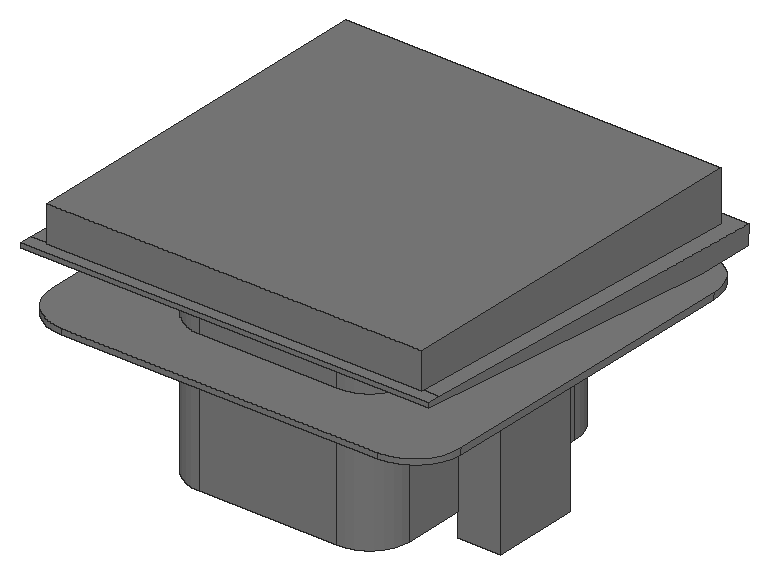
Revit family "Gira_126167", category Electrical Fixtures, host Face, Revit 2017
Family settings
  Host = Face
  Maintain Annotation Orientation = Yes
  Round Connector Dimension = Use Diameter
  Part Type = Normal
  Cut with Voids When Loaded = No
  Shared = No
  Room Calculation Point = No
Parameters (values of type "Türstation 3f UP Gira TX_44 (WG UP) Anthrazit")
  URL = "http://katalog.gira.de/de_DE/datenblatt.html?artikelnr=126167"
  Schutz gegen Vandalismus = "Yes"
  Region = "DE"
  Name = "Türstation 3f UP Gira TX_44 (WG UP) Anthrazit"
  Montageart = "unter Putz"
  Modulare Bauweise = "Yes"
  Mit Kamera = "No"
  Mit Infoschild = "Yes"
  Mit Abdeckung = "Yes"
  Manufacturer URL = "https://www.gira.de/"
  Keynote = "TX44_Komplettgerät_Schalten und Tasten"
  Installationstechnik = "Bus-System"
  HeinzeBIM = "https://bimportal.heinze.de/bim/tuerstation-3f-up-gira-tx-44-wg-up-anthrazit/b7136c531474c9e03bcdd3313f3a8a6ee01c817f"
  HAN = "126167"
  GTIN = "4010337261674"
  Farbe = "anthrazit"
  Default Elevation = 1219.2 mm
  Data sheet (1) = "https://katalog.gira.de/de_DE/download.html?artikelnr=126167"
  Category = "Türstation für Türkommunikation"
  Available = "Yes"
  Anzahl der Ruftasten = "3 "
Reference planes
  plane 1 "Center (Front/Back)": y = 0
  plane 2 "Reference Level 0": z = 0
  plane 3 "Center (Left/Right)": x = 0
  plane 4: z = -28.6
Forms (mm)
  Extrusion 1, solid, material "Default", detail levels fine
    sketch origin (0, 0, 0) x (1, 0, 0) y (0, 1, 0)
      loop
        line (-32.604, 32.5) -> (-32.604, -32.5) -> (32.735, -32.5) -> (32.735, 32.5) -> (-32.604, 32.5)
    from 0 to 12.3
  Extrusion 2, solid, material "Default", detail levels fine
    sketch origin (0, 0, 0) x (0, 1, 0) y (0, 0, 1)
      loop
        line (35, 3.483) -> (-32.2, 6) -> (-34.55, 6) -> (-34.536, 5.199) -> (24.886, 0) -> (34.939, 0) -> (35, 3.483)
    from -35.5 to 35.5
  Extrusion 3, void
    sketch origin (0, 0, 0) x (0, 1, 0) y (0, 0, 1)
      loop
        line (42.419, 3.205) -> (-32.2, 6) -> (-42.193, 6) -> (-42.193, -11.826) -> (42.419, -11.826) -> (42.419, 3.205)
    from -64.194 to 61.264
  Extrusion 4, solid, material "Default", detail levels fine
    sketch origin (0, 0, 0) x (1, 0, 0) y (0, 1, 0)
      loop
        arc (35.5, 27.5) -> (33.157, 33.157) -> (27.5, 35.5) r 8
        line (27.5, 35.5) -> (-27.5, 35.5)
        arc (-27.5, 35.5) -> (-33.157, 33.157) -> (-35.5, 27.5) r 8
        line (-35.5, 27.5) -> (-35.5, -27.5)
        arc (-35.5, -27.5) -> (-33.157, -33.157) -> (-27.5, -35.5) r 8
        line (-27.5, -35.5) -> (27.5, -35.5)
        arc (27.5, -35.5) -> (33.157, -33.157) -> (35.5, -27.5) r 8
        line (35.5, -27.5) -> (35.5, 27.5)
    from -4.1 to -5.1
  Extrusion 5, solid, material "Default", detail levels fine
    sketch origin (0, 0, 0) x (1, 0, 0) y (0, 1, 0)
      loop
        arc (-12, 25) -> (-16.95, 22.95) -> (-19, 18) r 7
        line (-19, 18) -> (-19, -18)
        arc (-19, -18) -> (-16.95, -22.95) -> (-12, -25) r 7
        line (-12, -25) -> (12, -25)
        arc (12, -25) -> (16.95, -22.95) -> (19, -18) r 7
        line (19, -18) -> (19, 18)
        arc (19, 18) -> (16.95, 22.95) -> (12, 25) r 7
        line (12, 25) -> (-12, 25)
    from 4.692 to -28.6
  Extrusion 6, solid, material "Default", detail levels fine
    sketch origin (0, 0, 0) x (1, 0, 0) y (0, 1, 0)
      loop
        line (-26.5, -7.5) -> (-19, -7.5) -> (-19, 7.5) -> (-26.5, 7.5) -> (-26.5, -7.5)
    from -5.1 to -32.6
  Extrusion 7, solid, material "Default", detail levels fine
    sketch origin (0, 0, 0) x (-1, 0, 0) y (0, -1, 0)
      loop
        line (-26.5, 7.5) -> (-26.5, -7.5) -> (-19, -7.5) -> (-19, 7.5) -> (-26.5, 7.5)
    from -5.1 to -32.6
  Extrusion 8, solid, material "Default", detail levels medium
    sketch origin (0, 0, 0) x (1, 0, 0) y (0, 1, 0)
      loop
        line (-32.604, 32.5) -> (-32.604, -32.5) -> (32.735, -32.5) -> (32.735, 32.5) -> (-32.604, 32.5)
    from 0 to 12.3
  Extrusion 9, solid, material "Default", detail levels medium
    sketch origin (0, 0, 0) x (0, 1, 0) y (0, 0, 1)
      loop
        line (35, 3.483) -> (-32.2, 6) -> (-34.55, 6) -> (-34.445, 0) -> (34.939, 0) -> (35, 3.483)
    from -35.5 to 35.5
  Extrusion 10, solid, material "Default", detail levels medium
    sketch origin (0, 0, 0) x (1, 0, 0) y (0, 1, 0)
      loop
        line (-26.5, 25) -> (-26.5, -25) -> (26.5, -25) -> (26.5, 25) -> (-26.5, 25)
    from 4.692 to -32.6
  Extrusion 11, solid, material "Default", detail levels medium
    sketch origin (0, 0, 0) x (1, 0, 0) y (0, 1, 0)
      loop
        line (35.5, 35.5) -> (-35.5, 35.5) -> (-35.5, -35.5) -> (35.5, -35.5) -> (35.5, 35.5)
    from -4.1 to -5.1
  Extrusion 12, solid, material "Default", detail levels coarse
    sketch origin (0, 0, 0) x (1, 0, 0) y (0, 1, 0)
      loop
        line (35.5, 35.5) -> (-35.5, 35.5) -> (-35.5, -35.5) -> (35.5, -35.5) -> (35.5, 35.5)
    from -32.6 to 12.3
Cuts and joins
  Extrusion 3 cuts Extrusion 1
  joined: Extrusion 1, Extrusion 2, Extrusion 4, Extrusion 5, Extrusion 6, Extrusion 7
Dimensions and locks
  Extrusion 12 to Extrusion 12 = 44.9 mm
  aligned and locked: plane 2 "Reference Level 0" to host face
  aligned and locked: level to host face
  aligned and locked: plane 3 "Center (Left/Right)" to nested 1
  aligned and locked: plane 1 "Center (Front/Back)" to nested 1
Nested families
  nested 1: "Schalter" at (0, 0, 0), type "Schalter"
Connectors
  electrical at (0, 0, -32.6)
    settings: on Extrusion 12, index 1, voltage 220 V, apparent load 0 VA, apparent load phase1 0 VA, apparent load phase2 0 VA, apparent load phase3 0 VA, power factor 1, load classification "Other", number of poles 1, system type 30, power factor state 1, is connector primary yes, connector utility no, sub classification motor no, connector description ""
Definition of nested family "Schalter"
  Reference planes
    plane 1: y = 0
    plane 2: x = 0
  Lines and regions (mm)
    detail lines
      curve 1: circle (1.375, 2.778, 0) r 0.8 normal (0, 0, 1)
      curve 2: line (1.021, 2.061, 0) -> (0, 0, 0)
      curve 3: line (0, 0, 0) -> (-0.538, 0.266, 0)
  Dimensions and locks
    curve 2 to curve 2 = 2.3 mm
    curve 3 to curve 2 = 0.6 mm
    radius of curve 1 = 0.8 mm
